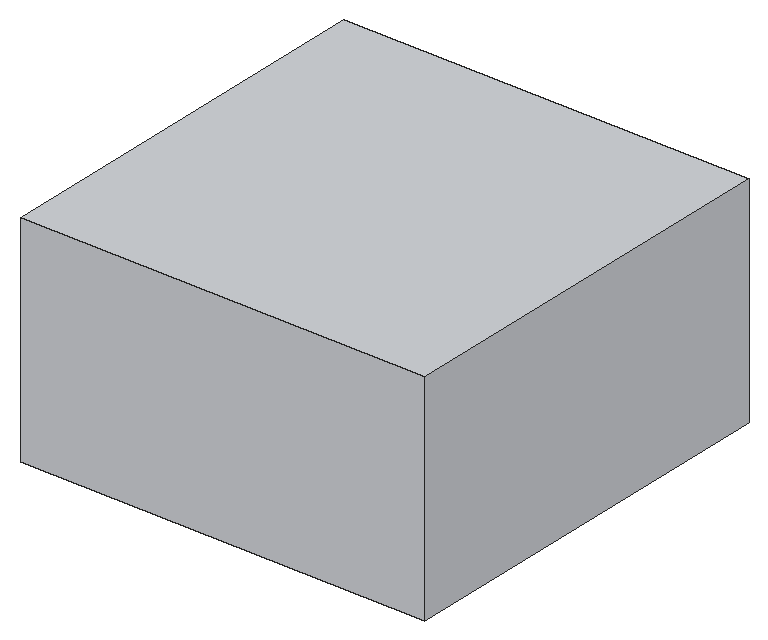
Revit family "XXX_ELT_Verteilerkasten", category Elektrische Ausstattung, Revit 2014
Parameters (values of type "100 Quadrat 480- 3")
  URL = ""
  Type Comments = ""
  Model = ""
  Manufacturer = ""
  Breite = 100 mm
  Spannung_x = 480 V
  Leistungsfaktor [instance] = 1
  Description = ""
  Keynote = ""
  Anzahl Pole = 3
  Lastklassifizierung = Strom
  Leistung [instance] = 500 VA
  Höhe = 100 mm
  Tiefe = 54 mm
Types (19, lengths in mm): name | Type Comments | Breite | Spannung_x | Anzahl Pole | Höhe | Tiefe
  100 Quadrat 120 - 1 | "" | 100 | 120 V | 1 | 100 | 54
  100 Quadrat 208 - 2 | "" | 100 | 208 V | 2 | 100 | 54
  100 Quadrat 208- 3 | "" | 100 | 208 V | 3 | 100 | 54
  100 Quadrat 277- 1 | "" | 100 | 277 V | 1 | 100 | 54
  100 Quadrat 480- 2 | "" | 100 | 480 V | 2 | 100 | 54
  100 Quadrat 480- 3 | "" | 100 | 480 V | 3 | 100 | 54
  200x400 Hausanschluss | "" | 200 | 120 V | 1 | 400 | 800
  Datenschrank/Telefon | "" | 500 | 120 V | 1 | 1250 | 1600
  Beleuchtungs-Tableau | "Beleuchtung-Tab." | 500 | 120 V | 1 | 500 | 500
  KNX-Tableau | "KNX-Tableau" | 200 | 120 V | 1 | 500 | 300
  Verteilung 1400x600 | "" | 600 | 120 V | 1 | 1400 | 600
  Verteilung 1100x300 | "" | 300 | 120 V | 1 | 1100 | 300
  Verteilung 1000x300 | "" | 300 | 120 V | 1 | 1000 | 300
  Verteilung 900x300 | "" | 300 | 120 V | 1 | 900 | 300
  Verteilung 1900x300 | "" | 300 | 120 V | 1 | 1900 | 300
  Verteilung 1200x300 | "" | 300 | 120 V | 1 | 1200 | 300
  Verteilung 600x300 | "" | 600 | 120 V | 1 | 300 | 300
  Verteilung 1400x300 | "" | 300 | 120 V | 1 | 1400 | 300
  Verteilung 500x300 | "" | 300 | 120 V | 1 | 500 | 300
Reference planes
  plane 1 "Mitte (Vorne/hinten)": y = 0
  plane 2: z = 0
  plane 3 "Mitte (Links/rechts)": x = 0
  plane 4: y = 50
  plane 5: y = -50
  plane 6: x = -50
  plane 7: x = 50
  plane 8: z = 54
Forms (mm)
  Extrusion 1, solid
    sketch origin (0, 0, 0) x (1, 0, 0) y (0, 1, 0)
      loop
        line (-50, 50) -> (-50, -50) -> (50, -50) -> (50, 50) -> (-50, 50)
    from 0 to 54
Lines and regions (mm)
  symbolic lines, style "Verteilerschränke Starkstrom"
    curve 1: line (-50, 50, 0) -> (50, 50, 0)
    curve 2: line (-50, -50, 0) -> (-50, 50, 0)
    curve 3: line (50, -50, 0) -> (-50, -50, 0)
    curve 4: line (50, 50, 0) -> (50, -50, 0)
Dimensions and locks
  equal spacing: plane 6, plane 3 "Mitte (Links/rechts)", plane 7
  equal spacing: plane 4, plane 1 "Mitte (Vorne/hinten)", plane 5
  "Höhe": plane 6 to plane 7
  "Breite": plane 4 to plane 5
  "Tiefe": level to plane 8
  aligned and locked: plane 6 to Extrusion 1 sketch curve
  aligned and locked: Extrusion 1 sketch curve to plane 4
  aligned and locked: plane 5 to Extrusion 1 sketch curve
  aligned and locked: plane 7 to Extrusion 1 sketch curve
  aligned and locked: plane 8 to Extrusion 1
  aligned and locked: plane 1 "Mitte (Vorne/hinten)" to nested 1
  aligned and locked: plane 3 "Mitte (Links/rechts)" to nested 1
Automatic sketch dimensions
  curve 3 to plane 5 = 0 mm
  curve 3 to plane 6 = 0 mm
  curve 3 to plane 7 = 0 mm
  curve 2 to plane 4 = 0 mm
Nested families
  nested 1: "M_Verteilerkastenbeschriftung" at (0, 0, 0), type "M_Verteilerkastenbeschriftung", not visible, detail levels coarse+medium
Connectors
  electrical at (0, 0, 54), driven by "Leistungsfaktor", driven by "Leistung", driven by "Spannung_x", driven by "Leistung", driven by "Anzahl Pole", driven by "Lastklassifizierung"
    settings: on Extrusion 1, index 1, voltage 480 V, apparent load 500 VA, apparent load phase1 500 VA, apparent load phase2 0 VA, apparent load phase3 0 VA, power factor 1, load classification "Strom", number of poles 3, system type 30, power factor state 1, is connector primary yes, connector utility no, sub classification motor no, connector description ""
Definition of nested family "M_Verteilerkastenbeschriftung"
  Parameters (values of type "M_Verteilerkastenbeschriftung")
    Beschriftung = "J"
  Reference planes
    plane 1: y = 0
    plane 2: x = 0
  Lines and regions (mm)
    detail lines
      curve 1: circle (0, 0, 0) r 2.381 normal (0, 0, 1)
  Text (mm)
    label "J" at (-0.674, -0.231, 0), shows "Beschriftung"
  Dimensions and locks
    aligned and locked: plane 1 to curve 1
    aligned and locked: plane 2 to curve 1
